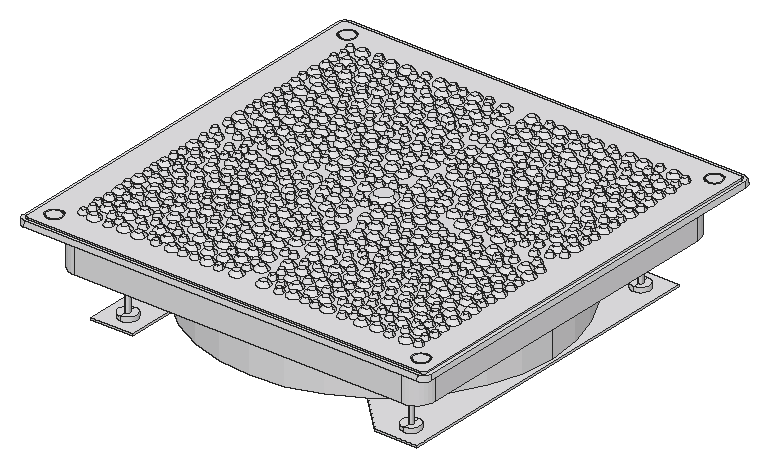
Revit family "Shower-Rainhead-KOHLER-REAL_RAIN-76728GL_1", category Plumbing Fixtures, host Face, Revit 2017
Family settings
  Host = Face
  Round Connector Dimension = Use Diameter
  Part Type = Normal
  OmniClass Number = 23.31.17.00
  OmniClass Title = Showers
  Cut with Voids When Loaded = No
  Shared = No
  Room Calculation Point = No
Parameters (values of type "0-White")
  Width = 19 23/128"  # constant formula
  WaterSense Certified = 1 = 0  # no
  Waste Water Outlet = "Waste Water Outlet"  # constant formula
  Waste Connection = 1 = 0  # no
  Vent Connection = 1 = 0  # no
  URL = "https://www.kohler.co.uk/"
  Type = 1
  Tempered Water Inlet = "Tempered Water Inlet"  # constant formula
  Product Page URL = ""
  Product Name = "REAL RAIN \r\n"  # constant formula
  Product Documentation Link = ""
  Pressure = 80.00 psi  # constant formula
  Panel Thickness = 0"
  Model = "76728GL-0"  # constant formula
  Material = "Plastic"  # constant formula
  Master Format 2014 Name = "Residential Showers"  # constant formula
  Master Format 2014 = "22 42 23"  # constant formula
  Manufacturer Address = "Cromwell Road, Cheltenham, Gloucestershire. GL52 5EP Registered in England No. 252115\r\n"  # constant formula
  Manufacturer = "KOHLER Co."  # constant formula
  Length = 19 23/128"  # constant formula
  Hot Water Inlet = "Hot Water Inlet"  # constant formula
  Height = 4 83/128"  # constant formula
  HW Connection = 1 = 1  # yes
  Flow Rate = 2.5 GPM  # constant formula
  Finish = Kohler-Plastic-0-White
  Environmental Product Declaration = ""
  Drain Included = 1 = 0  # no
  Description = "Overhead Panel"  # constant formula
  Default Elevation = 0"
  Declare Label = ""
  Date Modified = "07/19/2021"  # constant formula
  Date Created = "07/19/2021"  # constant formula
  Copyright = "Copyright KOHLER Co."  # constant formula
  Contact Us = "https://www.kohler.co.uk/support/contact/"
  Cold Water Inlet = "Cold Water Inlet"  # constant formula
  CW Connection = 1 = 0  # no
  Assembly Code = "D2010700"
  ADA Compliant = 1 = 0  # no
Reference planes (in)
  plane 1 "Center (Front/Back)": y = 0
  plane 2: z = 0
  plane 3 "Center (Left/Right)": x = 0
  plane 4: y = 9.59055
  plane 5: x = -9.59055
  plane 6: x = 9.58914
  plane 7: y = -9.58914
  plane 8: z = 4.64844
  plane 9: z = 0.46
  plane 10: z = 4.195
  plane 11: y = 5
  plane 12: x = -6.51833
Dimensions and locks (in)
  "Length": plane 4 to plane 7
  "Width": plane 5 to plane 6
  "Height": plane 8 to level
  plane 10 to level = 4.195"
  aligned and locked: plane 2 to host face
  aligned and locked: level to host face
Automatic sketch dimensions
  host sketch curve to host sketch curve = 96"  (x2)
Nested families (in)
  nested 1: "76728GL" at (0, 0, 0), type "76728GL"
Connectors (in)
  piping at (-6.51833, 5, 0), diameter 0.5, driven by "Flow Rate", driven by "Pressure", driven by "HW Connection", driven by "Tempered Water Inlet"
    settings: on nested 1, index 1, connector inside diameter 24", connector length 0", flow factor 0, pipe flow 2.5 GPM, pressure drop 80.00 psi, fitting loss kfactor 0, connector angle 0.00°, fixture units 0, engagement length 0", angle of deflection 0.00°, flow configuration 1, flow direction 1, fitting loss method 4, system type 19, joint type 0, gender type 0, connector reference index -1, connector utility 1, adjustable connector no, is connector primary yes, connector description "Tempered Water Inlet"
Definition of nested family "76728GL"
  Parameters (values of type "76728GL")
    Material = none
  Reference planes (in)
    plane 1 "Center (Front/Back)": y = 0
    plane 2: z = 0
    plane 3 "Center (Left/Right)": x = 0
    plane 4: y = 9.59055
    plane 5: y = -9.59055
    plane 6: x = -9.59055
    plane 7: x = 9.59055
    plane 8: z = 4.65
    plane 9: z = 4.195
    plane 10: z = 0.46
    plane 11: y = 7.84791
    plane 12: x = -6.6378
    plane 13: y = 5
    plane 14: x = -6.51833
  Forms (in)
    Sweep 1, solid, material <- "Material"
      path origin (0, 0, 0) x (1, 0, 0) y (0, 1, 0)
        loop
          arc (-9.19685, 9.59055) -> (-9.47524, 9.47524) -> (-9.59055, 9.19685) r 0.3937
          line (-9.59055, 9.19685) -> (-9.59055, -9.19685)
          arc (-9.59055, -9.19685) -> (-9.47524, -9.47524) -> (-9.19685, -9.59055) r 0.3937
          line (-9.19685, -9.59055) -> (9.19685, -9.59055)
          arc (9.19685, -9.59055) -> (9.47524, -9.47524) -> (9.59055, -9.19685) r 0.3937
          line (9.59055, -9.19685) -> (9.59055, 9.19685)
          arc (9.59055, 9.19685) -> (9.47524, 9.47524) -> (9.19685, 9.59055) r 0.3937
          line (9.19685, 9.59055) -> (-9.19685, 9.59055)
      profile origin (0, 9.59055, 0) x (0, 1, 0) y (0, 0, 1)
        loop
          line (0, 4.195) -> (-0.03303, 4.43) -> (-0.21956, 4.43) -> (-0.21956, 4.195) -> (0, 4.195)
    Extrusion 2, solid, material <- "Material"
      sketch origin (0, 0, 0) x (1, 0, 0) y (0, 1, 0)
        loop
          arc (-9.19685, 9.37099) -> (-9.31998, 9.31998) -> (-9.37099, 9.19685) r 0.17414
          line (-9.37099, 9.19685) -> (-9.37099, -9.19685)
          arc (-9.37099, -9.19685) -> (-9.31998, -9.31998) -> (-9.19685, -9.37099) r 0.17414
          line (-9.19685, -9.37099) -> (9.19685, -9.37099)
          arc (9.19685, -9.37099) -> (9.31998, -9.31998) -> (9.37099, -9.19685) r 0.17414
          line (9.37099, -9.19685) -> (9.37099, 9.19685)
          arc (9.37099, 9.19685) -> (9.31998, 9.31998) -> (9.19685, 9.37099) r 0.17414
          line (9.19685, 9.37099) -> (-9.19685, 9.37099)
      from 4.40945 to 4.48819
    Blend 3, solid, detail levels medium+fine
      base sketch origin (0, 0, 0) x (1, 0, 0) y (0, 1, 0)
        loop
          circle (-7.30834, 7.84791) r 0.29156
      top sketch origin (0, 0, 0) x (1, 0, 0) y (0, 1, 0)
        loop
          circle (-7.30834, 7.84791) r 0.15606
      from 4.48819 to 4.65
    Blend 4, solid, detail levels medium+fine
      base sketch origin (2.0876, 0, 0) x (1, 0, 0) y (0, 1, 0)
        loop
          circle (-7.30834, 7.84791) r 0.29156
      top sketch origin (2.0876, 0, 0) x (1, 0, 0) y (0, 1, 0)
        loop
          circle (-7.30834, 7.84791) r 0.15606
      from 4.48819 to 4.65
    Blend 5, solid, detail levels medium+fine
      base sketch origin (3.6624, 0, 0) x (1, 0, 0) y (0, 1, 0)
        loop
          circle (-7.30834, 7.84791) r 0.29156
      top sketch origin (3.6624, 0, 0) x (1, 0, 0) y (0, 1, 0)
        loop
          circle (-7.30834, 7.84791) r 0.15606
      from 4.48819 to 4.65
    Blend 6, solid, detail levels medium+fine
      base sketch origin (5.30487, -0.02461, 0) x (1, 0, 0) y (0, 1, 0)
        loop
          circle (-7.30834, 7.84791) r 0.29156
      top sketch origin (5.30487, -0.02461, 0) x (1, 0, 0) y (0, 1, 0)
        loop
          circle (-7.30834, 7.84791) r 0.15606
      from 4.48819 to 4.65
    Blend 7, solid, detail levels medium+fine
      base sketch origin (6.68282, 0, 0) x (1, 0, 0) y (0, 1, 0)
        loop
          circle (-7.30834, 7.84791) r 0.29156
      top sketch origin (6.68282, 0, 0) x (1, 0, 0) y (0, 1, 0)
        loop
          circle (-7.30834, 7.84791) r 0.15606
      from 4.48819 to 4.65
    Blend 8, solid, detail levels medium+fine
      base sketch origin (-0.0289, -0.83652, 0) x (1, 0, 0) y (0, 1, 0)
        loop
          circle (-7.30834, 7.84791) r 0.29156
      top sketch origin (-0.0289, -0.83652, 0) x (1, 0, 0) y (0, 1, 0)
        loop
          circle (-7.30834, 7.84791) r 0.15606
      from 4.48819 to 4.65
    Blend 9, solid, detail levels medium+fine
      base sketch origin (0.9243, -0.90317, 0) x (1, 0, 0) y (0, 1, 0)
        loop
          circle (-7.30834, 7.84791) r 0.29156
      top sketch origin (0.9243, -0.90317, 0) x (1, 0, 0) y (0, 1, 0)
        loop
          circle (-7.30834, 7.84791) r 0.15606
      from 4.48819 to 4.65
    Blend 10, solid, detail levels medium+fine
      base sketch origin (2.48199, -0.76689, 0) x (1, 0, 0) y (0, 1, 0)
        loop
          circle (-7.30834, 7.84791) r 0.29156
      top sketch origin (2.48199, -0.76689, 0) x (1, 0, 0) y (0, 1, 0)
        loop
          circle (-7.30834, 7.84791) r 0.15606
      from 4.48819 to 4.65
    Blend 11, solid, detail levels medium+fine
      base sketch origin (3.09051, -0.45684, 0) x (1, 0, 0) y (0, 1, 0)
        loop
          circle (-7.30834, 7.84791) r 0.29156
      top sketch origin (3.09051, -0.45684, 0) x (1, 0, 0) y (0, 1, 0)
        loop
          circle (-7.30834, 7.84791) r 0.15606
      from 4.48819 to 4.65
    Blend 12, solid, detail levels medium+fine
      base sketch origin (4.16835, -0.50258, 0) x (1, 0, 0) y (0, 1, 0)
        loop
          circle (-7.30834, 7.84791) r 0.29156
      top sketch origin (4.16835, -0.50258, 0) x (1, 0, 0) y (0, 1, 0)
        loop
          circle (-7.30834, 7.84791) r 0.15606
      from 4.48819 to 4.65
    Blend 13, solid, detail levels medium+fine
      base sketch origin (4.89122, -0.60418, 0) x (1, 0, 0) y (0, 1, 0)
        loop
          circle (-7.30834, 7.84791) r 0.29156
      top sketch origin (4.89122, -0.60418, 0) x (1, 0, 0) y (0, 1, 0)
        loop
          circle (-7.30834, 7.84791) r 0.15606
      from 4.48819 to 4.65
    Blend 14, solid, detail levels medium+fine
      base sketch origin (5.61857, -0.59148, 0) x (1, 0, 0) y (0, 1, 0)
        loop
          circle (-7.30834, 7.84791) r 0.29156
      top sketch origin (5.61857, -0.59148, 0) x (1, 0, 0) y (0, 1, 0)
        loop
          circle (-7.30834, 7.84791) r 0.15606
      from 4.48819 to 4.65
    Blend 15, solid, detail levels medium+fine
      base sketch origin (6.14053, -0.9848, 0) x (1, 0, 0) y (0, 1, 0)
        loop
          circle (-7.30834, 7.84791) r 0.29156
      top sketch origin (6.14053, -0.9848, 0) x (1, 0, 0) y (0, 1, 0)
        loop
          circle (-7.30834, 7.84791) r 0.15606
      from 4.48819 to 4.65
    Blend 16, solid, detail levels medium+fine
      base sketch origin (7.16907, -0.8508, 0) x (1, 0, 0) y (0, 1, 0)
        loop
          circle (-7.30834, 7.84791) r 0.29156
      top sketch origin (7.16907, -0.8508, 0) x (1, 0, 0) y (0, 1, 0)
        loop
          circle (-7.30834, 7.84791) r 0.15606
      from 4.48819 to 4.65
    Blend 17, solid, detail levels medium+fine
      base sketch origin (6.85018, -1.66347, 0) x (1, 0, 0) y (0, 1, 0)
        loop
          circle (-7.30834, 7.84791) r 0.29156
      top sketch origin (6.85018, -1.66347, 0) x (1, 0, 0) y (0, 1, 0)
        loop
          circle (-7.30834, 7.84791) r 0.15606
      from 4.48819 to 4.65
    Blend 18, solid, detail levels medium+fine
      base sketch origin (6.157, -1.60283, 0) x (1, 0, 0) y (0, 1, 0)
        loop
          circle (-7.30834, 7.84791) r 0.29156
      top sketch origin (6.157, -1.60283, 0) x (1, 0, 0) y (0, 1, 0)
        loop
          circle (-7.30834, 7.84791) r 0.15606
      from 4.48819 to 4.65
    Blend 19, solid, detail levels medium+fine
      base sketch origin (5.55442, -1.83414, 0) x (1, 0, 0) y (0, 1, 0)
        loop
          circle (-7.30834, 7.84791) r 0.29156
      top sketch origin (5.55442, -1.83414, 0) x (1, 0, 0) y (0, 1, 0)
        loop
          circle (-7.30834, 7.84791) r 0.15606
      from 4.48819 to 4.65
    Blend 20, solid, detail levels medium+fine
      base sketch origin (5.00582, -1.40553, 0) x (1, 0, 0) y (0, 1, 0)
        loop
          circle (-7.30834, 7.84791) r 0.29156
      top sketch origin (5.00582, -1.40553, 0) x (1, 0, 0) y (0, 1, 0)
        loop
          circle (-7.30834, 7.84791) r 0.15606
      from 4.48819 to 4.65
    Blend 21, solid, detail levels medium+fine
      base sketch origin (4.00507, -1.211, 0) x (1, 0, 0) y (0, 1, 0)
        loop
          circle (-7.30834, 7.84791) r 0.29156
      top sketch origin (4.00507, -1.211, 0) x (1, 0, 0) y (0, 1, 0)
        loop
          circle (-7.30834, 7.84791) r 0.15606
      from 4.48819 to 4.65
    Blend 22, solid, detail levels medium+fine
      base sketch origin (3.45712, -1.6091, 0) x (1, 0, 0) y (0, 1, 0)
        loop
          circle (-7.30834, 7.84791) r 0.29156
      top sketch origin (3.45712, -1.6091, 0) x (1, 0, 0) y (0, 1, 0)
        loop
          circle (-7.30834, 7.84791) r 0.15606
      from 4.48819 to 4.65
    Blend 23, solid, detail levels medium+fine
      base sketch origin (2.30183, -1.85467, 0) x (1, 0, 0) y (0, 1, 0)
        loop
          circle (-7.30834, 7.84791) r 0.29156
      top sketch origin (2.30183, -1.85467, 0) x (1, 0, 0) y (0, 1, 0)
        loop
          circle (-7.30834, 7.84791) r 0.15606
      from 4.48819 to 4.65
    Blend 24, solid, detail levels medium+fine
      base sketch origin (1.18508, -1.47014, 0) x (1, 0, 0) y (0, 1, 0)
        loop
          circle (-7.30834, 7.84791) r 0.29156
      top sketch origin (1.18508, -1.47014, 0) x (1, 0, 0) y (0, 1, 0)
        loop
          circle (-7.30834, 7.84791) r 0.15606
      from 4.48819 to 4.65
    Blend 25, solid, detail levels medium+fine
      base sketch origin (1.03024, -2.19859, 0) x (1, 0, 0) y (0, 1, 0)
        loop
          circle (-7.30834, 7.84791) r 0.29156
      top sketch origin (1.03024, -2.19859, 0) x (1, 0, 0) y (0, 1, 0)
        loop
          circle (-7.30834, 7.84791) r 0.15606
      from 4.48819 to 4.65
    Blend 26, solid, detail levels medium+fine
      base sketch origin (-0.0373, -2.58312, 0) x (1, 0, 0) y (0, 1, 0)
        loop
          circle (-7.30834, 7.84791) r 0.29156
      top sketch origin (-0.0373, -2.58312, 0) x (1, 0, 0) y (0, 1, 0)
        loop
          circle (-7.30834, 7.84791) r 0.15606
      from 4.48819 to 4.65
    Blend 27, solid, detail levels medium+fine
      base sketch origin (-0.5041, -2.14094, 0) x (1, 0, 0) y (0, 1, 0)
        loop
          circle (-7.30834, 7.84791) r 0.29156
      top sketch origin (-0.5041, -2.14094, 0) x (1, 0, 0) y (0, 1, 0)
        loop
          circle (-7.30834, 7.84791) r 0.15606
      from 4.48819 to 4.65
    Blend 28, solid, detail levels medium+fine
      base sketch origin (0.55747, -1.64778, 0) x (1, 0, 0) y (0, 1, 0)
        loop
          circle (-7.30834, 7.84791) r 0.29156
      top sketch origin (0.55747, -1.64778, 0) x (1, 0, 0) y (0, 1, 0)
        loop
          circle (-7.30834, 7.84791) r 0.15606
      from 4.48819 to 4.65
    Blend 29, solid, detail levels medium+fine
      base sketch origin (-0.48833, -1.51937, 0) x (1, 0, 0) y (0, 1, 0)
        loop
          circle (-7.30834, 7.84791) r 0.23622
      top sketch origin (-0.48833, -1.51937, 0) x (1, 0, 0) y (0, 1, 0)
        loop
          circle (-7.30834, 7.84791) r 0.11811
      from 4.48819 to 4.65
    Blend 30, solid, detail levels medium+fine
      base sketch origin (-0.51294, -3.26642, 0) x (1, 0, 0) y (0, 1, 0)
        loop
          circle (-7.30834, 7.84791) r 0.29156
      top sketch origin (-0.51294, -3.26642, 0) x (1, 0, 0) y (0, 1, 0)
        loop
          circle (-7.30834, 7.84791) r 0.15606
      from 4.48819 to 4.65
    Blend 31, solid, detail levels medium+fine
      base sketch origin (0.38399, -3.04893, 0) x (1, 0, 0) y (0, 1, 0)
        loop
          circle (-7.30834, 7.84791) r 0.29156
      top sketch origin (0.38399, -3.04893, 0) x (1, 0, 0) y (0, 1, 0)
        loop
          circle (-7.30834, 7.84791) r 0.15606
      from 4.48819 to 4.65
    Blend 32, solid, detail levels medium+fine
      base sketch origin (0.015, -3.60051, 0) x (1, 0, 0) y (0, 1, 0)
        loop
          circle (-7.30834, 7.84791) r 0.29156
      top sketch origin (0.015, -3.60051, 0) x (1, 0, 0) y (0, 1, 0)
        loop
          circle (-7.30834, 7.84791) r 0.15606
      from 4.48819 to 4.65
    Blend 33, solid, detail levels medium+fine
      base sketch origin (1.03016, -2.98184, 0) x (1, 0, 0) y (0, 1, 0)
        loop
          circle (-7.30834, 7.84791) r 0.29156
      top sketch origin (1.03016, -2.98184, 0) x (1, 0, 0) y (0, 1, 0)
        loop
          circle (-7.30834, 7.84791) r 0.15606
      from 4.48819 to 4.65
    Blend 34, solid, detail levels medium+fine
      base sketch origin (1.12122, -3.6132, 0) x (1, 0, 0) y (0, 1, 0)
        loop
          circle (-7.30834, 7.84791) r 0.29156
      top sketch origin (1.12122, -3.6132, 0) x (1, 0, 0) y (0, 1, 0)
        loop
          circle (-7.30834, 7.84791) r 0.15606
      from 4.48819 to 4.65
    Blend 35, solid, detail levels medium+fine
      base sketch origin (2.28909, -3.01814, 0) x (1, 0, 0) y (0, 1, 0)
        loop
          circle (-7.30834, 7.84791) r 0.29156
      top sketch origin (2.28909, -3.01814, 0) x (1, 0, 0) y (0, 1, 0)
        loop
          circle (-7.30834, 7.84791) r 0.15606
      from 4.48819 to 4.65
    Blend 36, solid, detail levels medium+fine
      base sketch origin (1.68078, -4.04284, 0) x (1, 0, 0) y (0, 1, 0)
        loop
          circle (-7.30834, 7.84791) r 0.29156
      top sketch origin (1.68078, -4.04284, 0) x (1, 0, 0) y (0, 1, 0)
        loop
          circle (-7.30834, 7.84791) r 0.15606
      from 4.48819 to 4.65
    Blend 37, solid, detail levels medium+fine
      base sketch origin (2.96463, -2.95326, 0) x (1, 0, 0) y (0, 1, 0)
        loop
          circle (-7.30834, 7.84791) r 0.29156
      top sketch origin (2.96463, -2.95326, 0) x (1, 0, 0) y (0, 1, 0)
        loop
          circle (-7.30834, 7.84791) r 0.15606
      from 4.48819 to 4.65
    Blend 38, solid, detail levels medium+fine
      base sketch origin (2.84468, -3.93018, 0) x (1, 0, 0) y (0, 1, 0)
        loop
          circle (-7.30834, 7.84791) r 0.29156
      top sketch origin (2.84468, -3.93018, 0) x (1, 0, 0) y (0, 1, 0)
        loop
          circle (-7.30834, 7.84791) r 0.15606
      from 4.48819 to 4.65
    Blend 39, solid, detail levels medium+fine
      base sketch origin (4.4836, -2.40185, 0) x (1, 0, 0) y (0, 1, 0)
        loop
          circle (-7.30834, 7.84791) r 0.29156
      top sketch origin (4.4836, -2.40185, 0) x (1, 0, 0) y (0, 1, 0)
        loop
          circle (-7.30834, 7.84791) r 0.15606
      from 4.48819 to 4.65
    Blend 40, solid, detail levels medium+fine
      base sketch origin (3.79212, -2.30467, 0) x (1, 0, 0) y (0, 1, 0)
        loop
          circle (-7.30834, 7.84791) r 0.29156
      top sketch origin (3.79212, -2.30467, 0) x (1, 0, 0) y (0, 1, 0)
        loop
          circle (-7.30834, 7.84791) r 0.15606
      from 4.48819 to 4.65
    Blend 41, solid, detail levels medium+fine
      base sketch origin (1.96709, -2.46434, 0) x (1, 0, 0) y (0, 1, 0)
        loop
          circle (-7.30834, 7.84791) r 0.29156
      top sketch origin (1.96709, -2.46434, 0) x (1, 0, 0) y (0, 1, 0)
        loop
          circle (-7.30834, 7.84791) r 0.15606
      from 4.48819 to 4.65
    Blend 42, solid, detail levels medium+fine
      base sketch origin (4.20639, -2.98132, 0) x (1, 0, 0) y (0, 1, 0)
        loop
          circle (-7.30834, 7.84791) r 0.29156
      top sketch origin (4.20639, -2.98132, 0) x (1, 0, 0) y (0, 1, 0)
        loop
          circle (-7.30834, 7.84791) r 0.15606
      from 4.48819 to 4.65
    Blend 43, solid, detail levels medium+fine
      base sketch origin (3.98458, -3.87093, 0) x (1, 0, 0) y (0, 1, 0)
        loop
          circle (-7.30834, 7.84791) r 0.29156
      top sketch origin (3.98458, -3.87093, 0) x (1, 0, 0) y (0, 1, 0)
        loop
          circle (-7.30834, 7.84791) r 0.15606
      from 4.48819 to 4.65
    Blend 44, solid, detail levels medium+fine
      base sketch origin (5.24621, -2.46976, 0) x (1, 0, 0) y (0, 1, 0)
        loop
          circle (-7.30834, 7.84791) r 0.29156
      top sketch origin (5.24621, -2.46976, 0) x (1, 0, 0) y (0, 1, 0)
        loop
          circle (-7.30834, 7.84791) r 0.15606
      from 4.48819 to 4.65
    Blend 45, solid, detail levels medium+fine
      base sketch origin (5.24621, -3.15169, 0) x (1, 0, 0) y (0, 1, 0)
        loop
          circle (-7.30834, 7.84791) r 0.29156
      top sketch origin (5.24621, -3.15169, 0) x (1, 0, 0) y (0, 1, 0)
        loop
          circle (-7.30834, 7.84791) r 0.15606
      from 4.48819 to 4.65
    Blend 46, solid, detail levels medium+fine
      base sketch origin (5.86408, -2.80919, 0) x (1, 0, 0) y (0, 1, 0)
        loop
          circle (-7.30834, 7.84791) r 0.29156
      top sketch origin (5.86408, -2.80919, 0) x (1, 0, 0) y (0, 1, 0)
        loop
          circle (-7.30834, 7.84791) r 0.15606
      from 4.48819 to 4.65
    Blend 47, solid, detail levels medium+fine
      base sketch origin (6.1771, -3.39791, 0) x (1, 0, 0) y (0, 1, 0)
        loop
          circle (-7.30834, 7.84791) r 0.29156
      top sketch origin (6.1771, -3.39791, 0) x (1, 0, 0) y (0, 1, 0)
        loop
          circle (-7.30834, 7.84791) r 0.15606
      from 4.48819 to 4.65
    Blend 48, solid, detail levels medium+fine
      base sketch origin (6.48588, -2.70438, 0) x (1, 0, 0) y (0, 1, 0)
        loop
          circle (-7.30834, 7.84791) r 0.29156
      top sketch origin (6.48588, -2.70438, 0) x (1, 0, 0) y (0, 1, 0)
        loop
          circle (-7.30834, 7.84791) r 0.15606
      from 4.48819 to 4.65
    Blend 49, solid, detail levels medium+fine
      base sketch origin (6.92778, -3.19517, 0) x (1, 0, 0) y (0, 1, 0)
        loop
          circle (-7.30834, 7.84791) r 0.29156
      top sketch origin (6.92778, -3.19517, 0) x (1, 0, 0) y (0, 1, 0)
        loop
          circle (-7.30834, 7.84791) r 0.15606
      from 4.48819 to 4.65
    Blend 50, solid, detail levels medium+fine
      base sketch origin (7.03734, -4.23753, 0) x (1, 0, 0) y (0, 1, 0)
        loop
          circle (-7.30834, 7.84791) r 0.29156
      top sketch origin (7.03734, -4.23753, 0) x (1, 0, 0) y (0, 1, 0)
        loop
          circle (-7.30834, 7.84791) r 0.15606
      from 4.48819 to 4.65
    Blend 51, solid, detail levels medium+fine
      base sketch origin (5.91512, -4.17871, 0) x (1, 0, 0) y (0, 1, 0)
        loop
          circle (-7.30834, 7.84791) r 0.29156
      top sketch origin (5.91512, -4.17871, 0) x (1, 0, 0) y (0, 1, 0)
        loop
          circle (-7.30834, 7.84791) r 0.15606
      from 4.48819 to 4.65
    Blend 52, solid, detail levels medium+fine
      base sketch origin (5.24018, -4.58426, 0) x (1, 0, 0) y (0, 1, 0)
        loop
          circle (-7.30834, 7.84791) r 0.29156
      top sketch origin (5.24018, -4.58426, 0) x (1, 0, 0) y (0, 1, 0)
        loop
          circle (-7.30834, 7.84791) r 0.15606
      from 4.48819 to 4.65
    Blend 53, solid, detail levels medium+fine
      base sketch origin (4.12564, -4.58426, 0) x (1, 0, 0) y (0, 1, 0)
        loop
          circle (-7.30834, 7.84791) r 0.29156
      top sketch origin (4.12564, -4.58426, 0) x (1, 0, 0) y (0, 1, 0)
        loop
          circle (-7.30834, 7.84791) r 0.15606
      from 4.48819 to 4.65
    Blend 54, solid, detail levels medium+fine
      base sketch origin (4.53288, -5.08716, 0) x (1, 0, 0) y (0, 1, 0)
        loop
          circle (-7.30834, 7.84791) r 0.29156
      top sketch origin (4.53288, -5.08716, 0) x (1, 0, 0) y (0, 1, 0)
        loop
          circle (-7.30834, 7.84791) r 0.15606
      from 4.48819 to 4.65
    Blend 55, solid, detail levels medium+fine
      base sketch origin (3.15493, -5.08716, 0) x (1, 0, 0) y (0, 1, 0)
        loop
          circle (-7.30834, 7.84791) r 0.29156
      top sketch origin (3.15493, -5.08716, 0) x (1, 0, 0) y (0, 1, 0)
        loop
          circle (-7.30834, 7.84791) r 0.15606
      from 4.48819 to 4.65
    Blend 56, solid, detail levels medium+fine
      base sketch origin (3.63117, -5.75677, 0) x (1, 0, 0) y (0, 1, 0)
        loop
          circle (-7.30834, 7.84791) r 0.29156
      top sketch origin (3.63117, -5.75677, 0) x (1, 0, 0) y (0, 1, 0)
        loop
          circle (-7.30834, 7.84791) r 0.15606
      from 4.48819 to 4.65
    Blend 57, solid, detail levels medium+fine
      base sketch origin (4.28847, -6.07665, 0) x (1, 0, 0) y (0, 1, 0)
        loop
          circle (-7.30834, 7.84791) r 0.29156
      top sketch origin (4.28847, -6.07665, 0) x (1, 0, 0) y (0, 1, 0)
        loop
          circle (-7.30834, 7.84791) r 0.15606
      from 4.48819 to 4.65
    Blend 58, solid, detail levels medium+fine
      base sketch origin (3.83609, -6.50546, 0) x (1, 0, 0) y (0, 1, 0)
        loop
          circle (-7.30834, 7.84791) r 0.29156
      top sketch origin (3.83609, -6.50546, 0) x (1, 0, 0) y (0, 1, 0)
        loop
          circle (-7.30834, 7.84791) r 0.15606
      from 4.48819 to 4.65
    Blend 59, solid, detail levels medium+fine
      base sketch origin (2.78809, -6.07292, 0) x (1, 0, 0) y (0, 1, 0)
        loop
          circle (-7.30834, 7.84791) r 0.29156
      top sketch origin (2.78809, -6.07292, 0) x (1, 0, 0) y (0, 1, 0)
        loop
          circle (-7.30834, 7.84791) r 0.15606
      from 4.48819 to 4.65
    Blend 60, solid, detail levels medium+fine
      base sketch origin (2.85791, -6.72494, 0) x (1, 0, 0) y (0, 1, 0)
        loop
          circle (-7.30834, 7.84791) r 0.29156
      top sketch origin (2.85791, -6.72494, 0) x (1, 0, 0) y (0, 1, 0)
        loop
          circle (-7.30834, 7.84791) r 0.15606
      from 4.48819 to 4.65
    Blend 61, solid, detail levels medium+fine
      base sketch origin (3.12722, -7.46485, 0) x (1, 0, 0) y (0, 1, 0)
        loop
          circle (-7.30834, 7.84791) r 0.29156
      top sketch origin (3.12722, -7.46485, 0) x (1, 0, 0) y (0, 1, 0)
        loop
          circle (-7.30834, 7.84791) r 0.15606
      from 4.48819 to 4.65
    Blend 62, solid, detail levels medium+fine
      base sketch origin (3.78378, -7.70382, 0) x (1, 0, 0) y (0, 1, 0)
        loop
          circle (-7.30834, 7.84791) r 0.29156
      top sketch origin (3.78378, -7.70382, 0) x (1, 0, 0) y (0, 1, 0)
        loop
          circle (-7.30834, 7.84791) r 0.15606
      from 4.48819 to 4.65
    Blend 63, solid, detail levels medium+fine
      base sketch origin (2.24064, -6.93948, 0) x (1, 0, 0) y (0, 1, 0)
        loop
          circle (-7.30834, 7.84791) r 0.29156
      top sketch origin (2.24064, -6.93948, 0) x (1, 0, 0) y (0, 1, 0)
        loop
          circle (-7.30834, 7.84791) r 0.15606
      from 4.48819 to 4.65
    Blend 64, solid, detail levels medium+fine
      base sketch origin (2.0547, -7.70262, 0) x (1, 0, 0) y (0, 1, 0)
        loop
          circle (-7.30834, 7.84791) r 0.29156
      top sketch origin (2.0547, -7.70262, 0) x (1, 0, 0) y (0, 1, 0)
        loop
          circle (-7.30834, 7.84791) r 0.15606
      from 4.48819 to 4.65
    Blend 65, solid, detail levels medium+fine
      base sketch origin (1.65786, -7.19469, 0) x (1, 0, 0) y (0, 1, 0)
        loop
          circle (-7.30834, 7.84791) r 0.29156
      top sketch origin (1.65786, -7.19469, 0) x (1, 0, 0) y (0, 1, 0)
        loop
          circle (-7.30834, 7.84791) r 0.15606
      from 4.48819 to 4.65
    Blend 66, solid, detail levels medium+fine
      base sketch origin (1.40876, -6.326, 0) x (1, 0, 0) y (0, 1, 0)
        loop
          circle (-7.30834, 7.84791) r 0.29156
      top sketch origin (1.40876, -6.326, 0) x (1, 0, 0) y (0, 1, 0)
        loop
          circle (-7.30834, 7.84791) r 0.15606
      from 4.48819 to 4.65
    Blend 67, solid, detail levels medium+fine
      base sketch origin (1.70755, -5.76617, 0) x (1, 0, 0) y (0, 1, 0)
        loop
          circle (-7.30834, 7.84791) r 0.29156
      top sketch origin (1.70755, -5.76617, 0) x (1, 0, 0) y (0, 1, 0)
        loop
          circle (-7.30834, 7.84791) r 0.15606
      from 4.48819 to 4.65
    Blend 68, solid, detail levels medium+fine
      base sketch origin (1.04625, -5.54143, 0) x (1, 0, 0) y (0, 1, 0)
        loop
          circle (-7.30834, 7.84791) r 0.29156
      top sketch origin (1.04625, -5.54143, 0) x (1, 0, 0) y (0, 1, 0)
        loop
          circle (-7.30834, 7.84791) r 0.15606
      from 4.48819 to 4.65
    Blend 69, solid, detail levels medium+fine
      base sketch origin (0.21678, -5.66742, 0) x (1, 0, 0) y (0, 1, 0)
        loop
          circle (-7.30834, 7.84791) r 0.29156
      top sketch origin (0.21678, -5.66742, 0) x (1, 0, 0) y (0, 1, 0)
        loop
          circle (-7.30834, 7.84791) r 0.15606
      from 4.48819 to 4.65
    Blend 70, solid, detail levels medium+fine
      base sketch origin (0.36352, -6.36008, 0) x (1, 0, 0) y (0, 1, 0)
        loop
          circle (-7.30834, 7.84791) r 0.29156
      top sketch origin (0.36352, -6.36008, 0) x (1, 0, 0) y (0, 1, 0)
        loop
          circle (-7.30834, 7.84791) r 0.15606
      from 4.48819 to 4.65
    Blend 71, solid, detail levels medium+fine
      base sketch origin (-0.0589, -6.92823, 0) x (1, 0, 0) y (0, 1, 0)
        loop
          circle (-7.30834, 7.84791) r 0.29156
      top sketch origin (-0.0589, -6.92823, 0) x (1, 0, 0) y (0, 1, 0)
        loop
          circle (-7.30834, 7.84791) r 0.15606
      from 4.48819 to 4.65
    Blend 72, solid, detail levels medium+fine
      base sketch origin (-0.5348, -6.49972, 0) x (1, 0, 0) y (0, 1, 0)
        loop
          circle (-7.30834, 7.84791) r 0.29156
      top sketch origin (-0.5348, -6.49972, 0) x (1, 0, 0) y (0, 1, 0)
        loop
          circle (-7.30834, 7.84791) r 0.15606
      from 4.48819 to 4.65
    Blend 73, solid, detail levels medium+fine
      base sketch origin (0.94197, -4.91608, 0) x (1, 0, 0) y (0, 1, 0)
        loop
          circle (-7.30834, 7.84791) r 0.29156
      top sketch origin (0.94197, -4.91608, 0) x (1, 0, 0) y (0, 1, 0)
        loop
          circle (-7.30834, 7.84791) r 0.15606
      from 4.48819 to 4.65
    Blend 74, solid, detail levels medium+fine
      base sketch origin (-0.52909, -4.78631, 0) x (1, 0, 0) y (0, 1, 0)
        loop
          circle (-7.30834, 7.84791) r 0.29156
      top sketch origin (-0.52909, -4.78631, 0) x (1, 0, 0) y (0, 1, 0)
        loop
          circle (-7.30834, 7.84791) r 0.15606
      from 4.48819 to 4.65
    Blend 75, solid, detail levels medium+fine
      base sketch origin (0.44981, -4.46424, 0) x (1, 0, 0) y (0, 1, 0)
        loop
          circle (-7.30834, 7.84791) r 0.29156
      top sketch origin (0.44981, -4.46424, 0) x (1, 0, 0) y (0, 1, 0)
        loop
          circle (-7.30834, 7.84791) r 0.15606
      from 4.48819 to 4.65
    Blend 76, solid, detail levels medium+fine
      base sketch origin (1.90111, -4.72015, 0) x (1, 0, 0) y (0, 1, 0)
        loop
          circle (-7.30834, 7.84791) r 0.29156
      top sketch origin (1.90111, -4.72015, 0) x (1, 0, 0) y (0, 1, 0)
        loop
          circle (-7.30834, 7.84791) r 0.15606
      from 4.48819 to 4.65
    Blend 77, solid, detail levels medium+fine
      base sketch origin (2.47324, -4.45827, 0) x (1, 0, 0) y (0, 1, 0)
        loop
          circle (-7.30834, 7.84791) r 0.29156
      top sketch origin (2.47324, -4.45827, 0) x (1, 0, 0) y (0, 1, 0)
        loop
          circle (-7.30834, 7.84791) r 0.15606
      from 4.48819 to 4.65
    Blend 78, solid, detail levels medium+fine
      base sketch origin (0, 0, 0) x (1, 0, 0) y (0, 1, 0)
        loop
          circle (-7.85379, 7.80181) r 0.19685
      top sketch origin (0, 0, 0) x (1, 0, 0) y (0, 1, 0)
        loop
          circle (-7.85379, 7.80181) r 0.11854
      from 4.48819 to 4.64961
    Blend 79, solid, detail levels medium+fine
      base sketch origin (0.08108, -0.45981, 0) x (1, 0, 0) y (0, 1, 0)
        loop
          circle (-7.85379, 7.80181) r 0.19685
      top sketch origin (0.08108, -0.45981, 0) x (1, 0, 0) y (0, 1, 0)
        loop
          circle (-7.85379, 7.80181) r 0.11854
      from 4.48819 to 4.64961
    Blend 80, solid, detail levels medium+fine
      base sketch origin (-0.03795, -0.90403, 0) x (1, 0, 0) y (0, 1, 0)
        loop
          circle (-7.85379, 7.80181) r 0.19685
      top sketch origin (-0.03795, -0.90403, 0) x (1, 0, 0) y (0, 1, 0)
        loop
          circle (-7.85379, 7.80181) r 0.11854
      from 4.48819 to 4.64961
    Blend 81, solid, detail levels medium+fine
      base sketch origin (1.27448, 0.12135, 0) x (1, 0, 0) y (0, 1, 0)
        loop
          circle (-7.85379, 7.80181) r 0.19685
      top sketch origin (1.27448, 0.12135, 0) x (1, 0, 0) y (0, 1, 0)
        loop
          circle (-7.85379, 7.80181) r 0.11854
      from 4.48819 to 4.64961
    Blend 82, solid, detail levels medium+fine
      base sketch origin (0.98535, -0.47144, 0) x (1, 0, 0) y (0, 1, 0)
        loop
          circle (-7.85379, 7.80181) r 0.19685
      top sketch origin (0.98535, -0.47144, 0) x (1, 0, 0) y (0, 1, 0)
        loop
          circle (-7.85379, 7.80181) r 0.11854
      from 4.48819 to 4.64961
    Blend 83, solid, detail levels medium+fine
      base sketch origin (1.47591, -0.30253, 0) x (1, 0, 0) y (0, 1, 0)
        loop
          circle (-7.85379, 7.80181) r 0.19685
      top sketch origin (1.47591, -0.30253, 0) x (1, 0, 0) y (0, 1, 0)
        loop
          circle (-7.85379, 7.80181) r 0.11854
      from 4.48819 to 4.64961
    Blend 84, solid, detail levels medium+fine
      base sketch origin (2.40031, -0.49902, 0) x (1, 0, 0) y (0, 1, 0)
        loop
          circle (-7.85379, 7.80181) r 0.19685
      top sketch origin (2.40031, -0.49902, 0) x (1, 0, 0) y (0, 1, 0)
        loop
          circle (-7.85379, 7.80181) r 0.11854
      from 4.48819 to 4.64961
    Blend 85, solid, detail levels medium+fine
      base sketch origin (2.01806, -0.8432, 0) x (1, 0, 0) y (0, 1, 0)
        loop
          circle (-7.85379, 7.80181) r 0.19685
      top sketch origin (2.01806, -0.8432, 0) x (1, 0, 0) y (0, 1, 0)
        loop
          circle (-7.85379, 7.80181) r 0.11854
      from 4.48819 to 4.64961
    Blend 86, solid, detail levels medium+fine
      base sketch origin (0.96488, -1.08634, 0) x (1, 0, 0) y (0, 1, 0)
        loop
          circle (-7.85379, 7.80181) r 0.19685
      top sketch origin (0.96488, -1.08634, 0) x (1, 0, 0) y (0, 1, 0)
        loop
          circle (-7.85379, 7.80181) r 0.11854
      from 4.48819 to 4.64961
    Blend 87, solid, detail levels medium+fine
      base sketch origin (0.60038, -1.37112, 0) x (1, 0, 0) y (0, 1, 0)
        loop
          circle (-7.85379, 7.80181) r 0.19685
      top sketch origin (0.60038, -1.37112, 0) x (1, 0, 0) y (0, 1, 0)
        loop
          circle (-7.85379, 7.80181) r 0.11854
      from 4.48819 to 4.64961
    Blend 88, solid, detail levels medium+fine
      base sketch origin (2.30835, -1.49055, 0) x (1, 0, 0) y (0, 1, 0)
        loop
          circle (-7.85379, 7.80181) r 0.19685
      top sketch origin (2.30835, -1.49055, 0) x (1, 0, 0) y (0, 1, 0)
        loop
          circle (-7.85379, 7.80181) r 0.11854
      from 4.48819 to 4.64961
    Blend 89, solid, detail levels medium+fine
      base sketch origin (2.55808, -1.058, 0) x (1, 0, 0) y (0, 1, 0)
        loop
          circle (-7.85379, 7.80181) r 0.19685
      top sketch origin (2.55808, -1.058, 0) x (1, 0, 0) y (0, 1, 0)
        loop
          circle (-7.85379, 7.80181) r 0.11854
      from 4.48819 to 4.64961
    Blend 90, solid, detail levels medium+fine
      base sketch origin (0.5504, -1.86916, 0) x (1, 0, 0) y (0, 1, 0)
        loop
          circle (-7.85379, 7.80181) r 0.19685
      top sketch origin (0.5504, -1.86916, 0) x (1, 0, 0) y (0, 1, 0)
        loop
          circle (-7.85379, 7.80181) r 0.11854
      from 4.48819 to 4.64961
    Blend 91, solid, detail levels medium+fine
      base sketch origin (0.93013, -2.13504, 0) x (1, 0, 0) y (0, 1, 0)
        loop
          circle (-7.85379, 7.80181) r 0.19685
      top sketch origin (0.93013, -2.13504, 0) x (1, 0, 0) y (0, 1, 0)
        loop
          circle (-7.85379, 7.80181) r 0.11854
      from 4.48819 to 4.64961
    Blend 92, solid, detail levels medium+fine
      base sketch origin (-0.06351, -2.66493, 0) x (1, 0, 0) y (0, 1, 0)
        loop
          circle (-7.85379, 7.80181) r 0.19685
      top sketch origin (-0.06351, -2.66493, 0) x (1, 0, 0) y (0, 1, 0)
        loop
          circle (-7.85379, 7.80181) r 0.11854
      from 4.48819 to 4.64961
    Blend 93, solid, detail levels medium+fine
      base sketch origin (1.1982, -2.55175, 0) x (1, 0, 0) y (0, 1, 0)
        loop
          circle (-7.85379, 7.80181) r 0.19685
      top sketch origin (1.1982, -2.55175, 0) x (1, 0, 0) y (0, 1, 0)
        loop
          circle (-7.85379, 7.80181) r 0.11854
      from 4.48819 to 4.64961
    Blend 94, solid, detail levels medium+fine
      base sketch origin (1.9856, -2.55175, 0) x (1, 0, 0) y (0, 1, 0)
        loop
          circle (-7.85379, 7.80181) r 0.19685
      top sketch origin (1.9856, -2.55175, 0) x (1, 0, 0) y (0, 1, 0)
        loop
          circle (-7.85379, 7.80181) r 0.11854
      from 4.48819 to 4.64961
    Blend 95, solid, detail levels medium+fine
      base sketch origin (2.19453, -2.99979, 0) x (1, 0, 0) y (0, 1, 0)
        loop
          circle (-7.85379, 7.80181) r 0.19685
      top sketch origin (2.19453, -2.99979, 0) x (1, 0, 0) y (0, 1, 0)
        loop
          circle (-7.85379, 7.80181) r 0.11854
      from 4.48819 to 4.64961
    Blend 96, solid, detail levels medium+fine
      base sketch origin (2.19453, -2.01554, 0) x (1, 0, 0) y (0, 1, 0)
        loop
          circle (-7.85379, 7.80181) r 0.19685
      top sketch origin (2.19453, -2.01554, 0) x (1, 0, 0) y (0, 1, 0)
        loop
          circle (-7.85379, 7.80181) r 0.11854
      from 4.48819 to 4.64961
    Blend 97, solid, detail levels medium+fine
      base sketch origin (3.20348, -2.40284, 0) x (1, 0, 0) y (0, 1, 0)
        loop
          circle (-7.85379, 7.80181) r 0.19685
      top sketch origin (3.20348, -2.40284, 0) x (1, 0, 0) y (0, 1, 0)
        loop
          circle (-7.85379, 7.80181) r 0.11854
      from 4.48819 to 4.64961
    Blend 98, solid, detail levels medium+fine
      base sketch origin (0.02641, -3.75143, 0) x (1, 0, 0) y (0, 1, 0)
        loop
          circle (-7.85379, 7.80181) r 0.19685
      top sketch origin (0.02641, -3.75143, 0) x (1, 0, 0) y (0, 1, 0)
        loop
          circle (-7.85379, 7.80181) r 0.11854
      from 4.48819 to 4.64961
    Blend 99, solid, detail levels medium+fine
      base sketch origin (-0.03152, -4.19496, 0) x (1, 0, 0) y (0, 1, 0)
        loop
          circle (-7.85379, 7.80181) r 0.19685
      top sketch origin (-0.03152, -4.19496, 0) x (1, 0, 0) y (0, 1, 0)
        loop
          circle (-7.85379, 7.80181) r 0.11854
      from 4.48819 to 4.64961
    Blend 100, solid, detail levels medium+fine
      base sketch origin (1.1112, -3.59888, 0) x (1, 0, 0) y (0, 1, 0)
        loop
          circle (-7.85379, 7.80181) r 0.19685
      top sketch origin (1.1112, -3.59888, 0) x (1, 0, 0) y (0, 1, 0)
        loop
          circle (-7.85379, 7.80181) r 0.11854
      from 4.48819 to 4.64961
    Blend 101, solid, detail levels medium+fine
      base sketch origin (1.374, -4.05406, 0) x (1, 0, 0) y (0, 1, 0)
        loop
          circle (-7.85379, 7.80181) r 0.19685
      top sketch origin (1.374, -4.05406, 0) x (1, 0, 0) y (0, 1, 0)
        loop
          circle (-7.85379, 7.80181) r 0.11854
      from 4.48819 to 4.64961
    Blend 102, solid, detail levels medium+fine
      base sketch origin (0.4834, -4.14767, 0) x (1, 0, 0) y (0, 1, 0)
        loop
          circle (-7.85379, 7.80181) r 0.19685
      top sketch origin (0.4834, -4.14767, 0) x (1, 0, 0) y (0, 1, 0)
        loop
          circle (-7.85379, 7.80181) r 0.11854
      from 4.48819 to 4.64961
    Blend 103, solid, detail levels medium+fine
      base sketch origin (1.88767, -4.44616, 0) x (1, 0, 0) y (0, 1, 0)
        loop
          circle (-7.85379, 7.80181) r 0.19685
      top sketch origin (1.88767, -4.44616, 0) x (1, 0, 0) y (0, 1, 0)
        loop
          circle (-7.85379, 7.80181) r 0.11854
      from 4.48819 to 4.64961
    Blend 104, solid, detail levels medium+fine
      base sketch origin (2.41602, -3.45247, 0) x (1, 0, 0) y (0, 1, 0)
        loop
          circle (-7.85379, 7.80181) r 0.19685
      top sketch origin (2.41602, -3.45247, 0) x (1, 0, 0) y (0, 1, 0)
        loop
          circle (-7.85379, 7.80181) r 0.11854
      from 4.48819 to 4.64961
    Blend 105, solid, detail levels medium+fine
      base sketch origin (2.75148, -3.87182, 0) x (1, 0, 0) y (0, 1, 0)
        loop
          circle (-7.85379, 7.80181) r 0.19685
      top sketch origin (2.75148, -3.87182, 0) x (1, 0, 0) y (0, 1, 0)
        loop
          circle (-7.85379, 7.80181) r 0.11854
      from 4.48819 to 4.64961
    Blend 106, solid, detail levels medium+fine
      base sketch origin (3.00528, -3.49882, 0) x (1, 0, 0) y (0, 1, 0)
        loop
          circle (-7.85379, 7.80181) r 0.19685
      top sketch origin (3.00528, -3.49882, 0) x (1, 0, 0) y (0, 1, 0)
        loop
          circle (-7.85379, 7.80181) r 0.11854
      from 4.48819 to 4.64961
    Blend 107, solid, detail levels medium+fine
      base sketch origin (3.70678, -3.43744, 0) x (1, 0, 0) y (0, 1, 0)
        loop
          circle (-7.85379, 7.80181) r 0.19685
      top sketch origin (3.70678, -3.43744, 0) x (1, 0, 0) y (0, 1, 0)
        loop
          circle (-7.85379, 7.80181) r 0.11854
      from 4.48819 to 4.64961
    Blend 108, solid, detail levels medium+fine
      base sketch origin (3.60389, -4.4163, 0) x (1, 0, 0) y (0, 1, 0)
        loop
          circle (-7.85379, 7.80181) r 0.19685
      top sketch origin (3.60389, -4.4163, 0) x (1, 0, 0) y (0, 1, 0)
        loop
          circle (-7.85379, 7.80181) r 0.11854
      from 4.48819 to 4.64961
    Blend 109, solid, detail levels medium+fine
      base sketch origin (0.59627, -4.78559, 0) x (1, 0, 0) y (0, 1, 0)
        loop
          circle (-7.85379, 7.80181) r 0.19685
      top sketch origin (0.59627, -4.78559, 0) x (1, 0, 0) y (0, 1, 0)
        loop
          circle (-7.85379, 7.80181) r 0.11854
      from 4.48819 to 4.64961
    Blend 110, solid, detail levels medium+fine
      base sketch origin (0.99196, -5.13207, 0) x (1, 0, 0) y (0, 1, 0)
        loop
          circle (-7.85379, 7.80181) r 0.19685
      top sketch origin (0.99196, -5.13207, 0) x (1, 0, 0) y (0, 1, 0)
        loop
          circle (-7.85379, 7.80181) r 0.11854
      from 4.48819 to 4.64961
    Blend 111, solid, detail levels medium+fine
      base sketch origin (0.40281, -5.20607, 0) x (1, 0, 0) y (0, 1, 0)
        loop
          circle (-7.85379, 7.80181) r 0.19685
      top sketch origin (0.40281, -5.20607, 0) x (1, 0, 0) y (0, 1, 0)
        loop
          circle (-7.85379, 7.80181) r 0.11854
      from 4.48819 to 4.64961
    Blend 112, solid, detail levels medium+fine
      base sketch origin (-0.04951, -5.35304, 0) x (1, 0, 0) y (0, 1, 0)
        loop
          circle (-7.85379, 7.80181) r 0.19685
      top sketch origin (-0.04951, -5.35304, 0) x (1, 0, 0) y (0, 1, 0)
        loop
          circle (-7.85379, 7.80181) r 0.11854
      from 4.48819 to 4.64961
    Blend 113, solid, detail levels medium+fine
      base sketch origin (0.00028, -5.82677, 0) x (1, 0, 0) y (0, 1, 0)
        loop
          circle (-7.85379, 7.80181) r 0.19685
      top sketch origin (0.00028, -5.82677, 0) x (1, 0, 0) y (0, 1, 0)
        loop
          circle (-7.85379, 7.80181) r 0.11854
      from 4.48819 to 4.64961
    Blend 114, solid, detail levels medium+fine
      base sketch origin (2.05966, -5.15764, 0) x (1, 0, 0) y (0, 1, 0)
        loop
          circle (-7.85379, 7.80181) r 0.19685
      top sketch origin (2.05966, -5.15764, 0) x (1, 0, 0) y (0, 1, 0)
        loop
          circle (-7.85379, 7.80181) r 0.11854
      from 4.48819 to 4.64961
    Blend 115, solid, detail levels medium+fine
      base sketch origin (2.77067, -5.89326, 0) x (1, 0, 0) y (0, 1, 0)
        loop
          circle (-7.85379, 7.80181) r 0.19685
      top sketch origin (2.77067, -5.89326, 0) x (1, 0, 0) y (0, 1, 0)
        loop
          circle (-7.85379, 7.80181) r 0.11854
      from 4.48819 to 4.64961
    Blend 116, solid, detail levels medium+fine
      base sketch origin (1.32569, -5.98286, 0) x (1, 0, 0) y (0, 1, 0)
        loop
          circle (-7.85379, 7.80181) r 0.19685
      top sketch origin (1.32569, -5.98286, 0) x (1, 0, 0) y (0, 1, 0)
        loop
          circle (-7.85379, 7.80181) r 0.11854
      from 4.48819 to 4.64961
    Blend 117, solid, detail levels medium+fine
      base sketch origin (0.42388, -6.04678, 0) x (1, 0, 0) y (0, 1, 0)
        loop
          circle (-7.85379, 7.80181) r 0.19685
      top sketch origin (0.42388, -6.04678, 0) x (1, 0, 0) y (0, 1, 0)
        loop
          circle (-7.85379, 7.80181) r 0.11854
      from 4.48819 to 4.64961
    Blend 118, solid, detail levels medium+fine
      base sketch origin (1.43404, -6.50201, 0) x (1, 0, 0) y (0, 1, 0)
        loop
          circle (-7.85379, 7.80181) r 0.19685
      top sketch origin (1.43404, -6.50201, 0) x (1, 0, 0) y (0, 1, 0)
        loop
          circle (-7.85379, 7.80181) r 0.11854
      from 4.48819 to 4.64961
    Blend 119, solid, detail levels medium+fine
      base sketch origin (1.76504, -6.833, 0) x (1, 0, 0) y (0, 1, 0)
        loop
          circle (-7.85379, 7.80181) r 0.19685
      top sketch origin (1.76504, -6.833, 0) x (1, 0, 0) y (0, 1, 0)
        loop
          circle (-7.85379, 7.80181) r 0.11854
      from 4.48819 to 4.64961
    Blend 120, solid, detail levels medium+fine
      base sketch origin (2.44141, -6.47587, 0) x (1, 0, 0) y (0, 1, 0)
        loop
          circle (-7.85379, 7.80181) r 0.19685
      top sketch origin (2.44141, -6.47587, 0) x (1, 0, 0) y (0, 1, 0)
        loop
          circle (-7.85379, 7.80181) r 0.11854
      from 4.48819 to 4.64961
    Blend 121, solid, detail levels medium+fine
      base sketch origin (2.85861, -6.34937, 0) x (1, 0, 0) y (0, 1, 0)
        loop
          circle (-7.85379, 7.80181) r 0.19685
      top sketch origin (2.85861, -6.34937, 0) x (1, 0, 0) y (0, 1, 0)
        loop
          circle (-7.85379, 7.80181) r 0.11854
      from 4.48819 to 4.64961
    Blend 122, solid, detail levels medium+fine
      base sketch origin (-0.03972, -7.08804, 0) x (1, 0, 0) y (0, 1, 0)
        loop
          circle (-7.85379, 7.80181) r 0.19685
      top sketch origin (-0.03972, -7.08804, 0) x (1, 0, 0) y (0, 1, 0)
        loop
          circle (-7.85379, 7.80181) r 0.11854
      from 4.48819 to 4.64961
    Blend 123, solid, detail levels medium+fine
      base sketch origin (0.38075, -7.44085, 0) x (1, 0, 0) y (0, 1, 0)
        loop
          circle (-7.85379, 7.80181) r 0.19685
      top sketch origin (0.38075, -7.44085, 0) x (1, 0, 0) y (0, 1, 0)
        loop
          circle (-7.85379, 7.80181) r 0.11854
      from 4.48819 to 4.64961
    Blend 124, solid, detail levels medium+fine
      base sketch origin (1.6519, -7.32964, 0) x (1, 0, 0) y (0, 1, 0)
        loop
          circle (-7.85379, 7.80181) r 0.19685
      top sketch origin (1.6519, -7.32964, 0) x (1, 0, 0) y (0, 1, 0)
        loop
          circle (-7.85379, 7.80181) r 0.11854
      from 4.48819 to 4.64961
    Blend 125, solid, detail levels medium+fine
      base sketch origin (2.04581, -7.66017, 0) x (1, 0, 0) y (0, 1, 0)
        loop
          circle (-7.85379, 7.80181) r 0.19685
      top sketch origin (2.04581, -7.66017, 0) x (1, 0, 0) y (0, 1, 0)
        loop
          circle (-7.85379, 7.80181) r 0.11854
      from 4.48819 to 4.64961
    Blend 126, solid, detail levels medium+fine
      base sketch origin (3.12586, -7.37077, 0) x (1, 0, 0) y (0, 1, 0)
        loop
          circle (-7.85379, 7.80181) r 0.19685
      top sketch origin (3.12586, -7.37077, 0) x (1, 0, 0) y (0, 1, 0)
        loop
          circle (-7.85379, 7.80181) r 0.11854
      from 4.48819 to 4.64961
    Blend 127, solid, detail levels medium+fine
      base sketch origin (4.45686, -7.01413, 0) x (1, 0, 0) y (0, 1, 0)
        loop
          circle (-7.85379, 7.80181) r 0.19685
      top sketch origin (4.45686, -7.01413, 0) x (1, 0, 0) y (0, 1, 0)
        loop
          circle (-7.85379, 7.80181) r 0.11854
      from 4.48819 to 4.64961
    Blend 128, solid, detail levels medium+fine
      base sketch origin (3.94595, -6.87723, 0) x (1, 0, 0) y (0, 1, 0)
        loop
          circle (-7.85379, 7.80181) r 0.19685
      top sketch origin (3.94595, -6.87723, 0) x (1, 0, 0) y (0, 1, 0)
        loop
          circle (-7.85379, 7.80181) r 0.11854
      from 4.48819 to 4.64961
    Blend 129, solid, detail levels medium+fine
      base sketch origin (3.84341, -6.29565, 0) x (1, 0, 0) y (0, 1, 0)
        loop
          circle (-7.85379, 7.80181) r 0.19685
      top sketch origin (3.84341, -6.29565, 0) x (1, 0, 0) y (0, 1, 0)
        loop
          circle (-7.85379, 7.80181) r 0.11854
      from 4.48819 to 4.64961
    Blend 130, solid, detail levels medium+fine
      base sketch origin (6.1948, -7.1053, 0) x (1, 0, 0) y (0, 1, 0)
        loop
          circle (-7.85379, 7.80181) r 0.19685
      top sketch origin (6.1948, -7.1053, 0) x (1, 0, 0) y (0, 1, 0)
        loop
          circle (-7.85379, 7.80181) r 0.11854
      from 4.48819 to 4.64961
    Blend 131, solid, detail levels medium+fine
      base sketch origin (7.17172, -7.22525, 0) x (1, 0, 0) y (0, 1, 0)
        loop
          circle (-7.85379, 7.80181) r 0.19685
      top sketch origin (7.17172, -7.22525, 0) x (1, 0, 0) y (0, 1, 0)
        loop
          circle (-7.85379, 7.80181) r 0.11854
      from 4.48819 to 4.64961
    Blend 132, solid, detail levels medium+fine
      base sketch origin (6.65774, -7.08753, 0) x (1, 0, 0) y (0, 1, 0)
        loop
          circle (-7.85379, 7.80181) r 0.19685
      top sketch origin (6.65774, -7.08753, 0) x (1, 0, 0) y (0, 1, 0)
        loop
          circle (-7.85379, 7.80181) r 0.11854
      from 4.48819 to 4.64961
    Blend 133, solid, detail levels medium+fine
      base sketch origin (5.53324, -7.82642, 0) x (1, 0, 0) y (0, 1, 0)
        loop
          circle (-7.85379, 7.80181) r 0.19685
      top sketch origin (5.53324, -7.82642, 0) x (1, 0, 0) y (0, 1, 0)
        loop
          circle (-7.85379, 7.80181) r 0.11854
      from 4.48819 to 4.64961
    Blend 134, solid, detail levels medium+fine
      base sketch origin (7.62193, -6.95649, 0) x (1, 0, 0) y (0, 1, 0)
        loop
          circle (-7.85379, 7.80181) r 0.19685
      top sketch origin (7.62193, -6.95649, 0) x (1, 0, 0) y (0, 1, 0)
        loop
          circle (-7.85379, 7.80181) r 0.11854
      from 4.48819 to 4.64961
    Blend 135, solid, detail levels medium+fine
      base sketch origin (6.11831, -6.19036, 0) x (1, 0, 0) y (0, 1, 0)
        loop
          circle (-7.85379, 7.80181) r 0.19685
      top sketch origin (6.11831, -6.19036, 0) x (1, 0, 0) y (0, 1, 0)
        loop
          circle (-7.85379, 7.80181) r 0.11854
      from 4.48819 to 4.64961
    Blend 136, solid, detail levels medium+fine
      base sketch origin (7.13072, -5.58205, 0) x (1, 0, 0) y (0, 1, 0)
        loop
          circle (-7.85379, 7.80181) r 0.19685
      top sketch origin (7.13072, -5.58205, 0) x (1, 0, 0) y (0, 1, 0)
        loop
          circle (-7.85379, 7.80181) r 0.11854
      from 4.48819 to 4.64961
    Blend 137, solid, detail levels medium+fine
      base sketch origin (5.44577, -6.12952, 0) x (1, 0, 0) y (0, 1, 0)
        loop
          circle (-7.85379, 7.80181) r 0.19685
      top sketch origin (5.44577, -6.12952, 0) x (1, 0, 0) y (0, 1, 0)
        loop
          circle (-7.85379, 7.80181) r 0.11854
      from 4.48819 to 4.64961
    Blend 138, solid, detail levels medium+fine
      base sketch origin (5.19714, -5.66191, 0) x (1, 0, 0) y (0, 1, 0)
        loop
          circle (-7.85379, 7.80181) r 0.19685
      top sketch origin (5.19714, -5.66191, 0) x (1, 0, 0) y (0, 1, 0)
        loop
          circle (-7.85379, 7.80181) r 0.11854
      from 4.48819 to 4.64961
    Blend 139, solid, detail levels medium+fine
      base sketch origin (4.68225, -5.41066, 0) x (1, 0, 0) y (0, 1, 0)
        loop
          circle (-7.85379, 7.80181) r 0.19685
      top sketch origin (4.68225, -5.41066, 0) x (1, 0, 0) y (0, 1, 0)
        loop
          circle (-7.85379, 7.80181) r 0.11854
      from 4.48819 to 4.64961
    Blend 140, solid, detail levels medium+fine
      base sketch origin (4.3512, -5.01612, 0) x (1, 0, 0) y (0, 1, 0)
        loop
          circle (-7.85379, 7.80181) r 0.19685
      top sketch origin (4.3512, -5.01612, 0) x (1, 0, 0) y (0, 1, 0)
        loop
          circle (-7.85379, 7.80181) r 0.11854
      from 4.48819 to 4.64961
    Blend 141, solid, detail levels medium+fine
      base sketch origin (3.63709, -5.5944, 0) x (1, 0, 0) y (0, 1, 0)
        loop
          circle (-7.85379, 7.80181) r 0.19685
      top sketch origin (3.63709, -5.5944, 0) x (1, 0, 0) y (0, 1, 0)
        loop
          circle (-7.85379, 7.80181) r 0.11854
      from 4.48819 to 4.64961
    Blend 142, solid, detail levels medium+fine
      base sketch origin (3.15174, -4.92637, 0) x (1, 0, 0) y (0, 1, 0)
        loop
          circle (-7.85379, 7.80181) r 0.19685
      top sketch origin (3.15174, -4.92637, 0) x (1, 0, 0) y (0, 1, 0)
        loop
          circle (-7.85379, 7.80181) r 0.11854
      from 4.48819 to 4.64961
    Blend 143, solid, detail levels medium+fine
      base sketch origin (4.00009, -3.84052, 0) x (1, 0, 0) y (0, 1, 0)
        loop
          circle (-7.85379, 7.80181) r 0.19685
      top sketch origin (4.00009, -3.84052, 0) x (1, 0, 0) y (0, 1, 0)
        loop
          circle (-7.85379, 7.80181) r 0.11854
      from 4.48819 to 4.64961
    Blend 144, solid, detail levels medium+fine
      base sketch origin (5.08661, -4.01261, 0) x (1, 0, 0) y (0, 1, 0)
        loop
          circle (-7.85379, 7.80181) r 0.19685
      top sketch origin (5.08661, -4.01261, 0) x (1, 0, 0) y (0, 1, 0)
        loop
          circle (-7.85379, 7.80181) r 0.11854
      from 4.48819 to 4.64961
    Blend 145, solid, detail levels medium+fine
      base sketch origin (5.76645, -3.94116, 0) x (1, 0, 0) y (0, 1, 0)
        loop
          circle (-7.85379, 7.80181) r 0.19685
      top sketch origin (5.76645, -3.94116, 0) x (1, 0, 0) y (0, 1, 0)
        loop
          circle (-7.85379, 7.80181) r 0.11854
      from 4.48819 to 4.64961
    Blend 146, solid, detail levels medium+fine
      base sketch origin (5.39187, -3.56657, 0) x (1, 0, 0) y (0, 1, 0)
        loop
          circle (-7.85379, 7.80181) r 0.19685
      top sketch origin (5.39187, -3.56657, 0) x (1, 0, 0) y (0, 1, 0)
        loop
          circle (-7.85379, 7.80181) r 0.11854
      from 4.48819 to 4.64961
    Blend 147, solid, detail levels medium+fine
      base sketch origin (6.17927, -3.56657, 0) x (1, 0, 0) y (0, 1, 0)
        loop
          circle (-7.85379, 7.80181) r 0.19685
      top sketch origin (6.17927, -3.56657, 0) x (1, 0, 0) y (0, 1, 0)
        loop
          circle (-7.85379, 7.80181) r 0.11854
      from 4.48819 to 4.64961
    Blend 148, solid, detail levels medium+fine
      base sketch origin (7.09044, -3.74369, 0) x (1, 0, 0) y (0, 1, 0)
        loop
          circle (-7.85379, 7.80181) r 0.19685
      top sketch origin (7.09044, -3.74369, 0) x (1, 0, 0) y (0, 1, 0)
        loop
          circle (-7.85379, 7.80181) r 0.11854
      from 4.48819 to 4.64961
    Blend 149, solid, detail levels medium+fine
      base sketch origin (7.54077, -3.66428, 0) x (1, 0, 0) y (0, 1, 0)
        loop
          circle (-7.85379, 7.80181) r 0.19685
      top sketch origin (7.54077, -3.66428, 0) x (1, 0, 0) y (0, 1, 0)
        loop
          circle (-7.85379, 7.80181) r 0.11854
      from 4.48819 to 4.64961
    Blend 150, solid, detail levels medium+fine
      base sketch origin (6.98399, -4.22106, 0) x (1, 0, 0) y (0, 1, 0)
        loop
          circle (-7.85379, 7.80181) r 0.19685
      top sketch origin (6.98399, -4.22106, 0) x (1, 0, 0) y (0, 1, 0)
        loop
          circle (-7.85379, 7.80181) r 0.11854
      from 4.48819 to 4.64961
    Blend 151, solid, detail levels medium+fine
      base sketch origin (7.21914, -4.62835, 0) x (1, 0, 0) y (0, 1, 0)
        loop
          circle (-7.85379, 7.80181) r 0.19685
      top sketch origin (7.21914, -4.62835, 0) x (1, 0, 0) y (0, 1, 0)
        loop
          circle (-7.85379, 7.80181) r 0.11854
      from 4.48819 to 4.64961
    Blend 152, solid, detail levels medium+fine
      base sketch origin (6.35688, -4.62835, 0) x (1, 0, 0) y (0, 1, 0)
        loop
          circle (-7.85379, 7.80181) r 0.19685
      top sketch origin (6.35688, -4.62835, 0) x (1, 0, 0) y (0, 1, 0)
        loop
          circle (-7.85379, 7.80181) r 0.11854
      from 4.48819 to 4.64961
    Blend 153, solid, detail levels medium+fine
      base sketch origin (5.25454, -4.53191, 0) x (1, 0, 0) y (0, 1, 0)
        loop
          circle (-7.85379, 7.80181) r 0.19685
      top sketch origin (5.25454, -4.53191, 0) x (1, 0, 0) y (0, 1, 0)
        loop
          circle (-7.85379, 7.80181) r 0.11854
      from 4.48819 to 4.64961
    Blend 154, solid, detail levels medium+fine
      base sketch origin (4.9788, -3.42599, 0) x (1, 0, 0) y (0, 1, 0)
        loop
          circle (-7.85379, 7.80181) r 0.19685
      top sketch origin (4.9788, -3.42599, 0) x (1, 0, 0) y (0, 1, 0)
        loop
          circle (-7.85379, 7.80181) r 0.11854
      from 4.48819 to 4.64961
    Blend 155, solid, detail levels medium+fine
      base sketch origin (4.07231, -4.39808, 0) x (1, 0, 0) y (0, 1, 0)
        loop
          circle (-7.85379, 7.80181) r 0.19685
      top sketch origin (4.07231, -4.39808, 0) x (1, 0, 0) y (0, 1, 0)
        loop
          circle (-7.85379, 7.80181) r 0.11854
      from 4.48819 to 4.64961
    Blend 156, solid, detail levels medium+fine
      base sketch origin (4.25708, -3.23152, 0) x (1, 0, 0) y (0, 1, 0)
        loop
          circle (-7.85379, 7.80181) r 0.19685
      top sketch origin (4.25708, -3.23152, 0) x (1, 0, 0) y (0, 1, 0)
        loop
          circle (-7.85379, 7.80181) r 0.11854
      from 4.48819 to 4.64961
    Blend 157, solid, detail levels medium+fine
      base sketch origin (4.06819, -2.71257, 0) x (1, 0, 0) y (0, 1, 0)
        loop
          circle (-7.85379, 7.80181) r 0.19685
      top sketch origin (4.06819, -2.71257, 0) x (1, 0, 0) y (0, 1, 0)
        loop
          circle (-7.85379, 7.80181) r 0.11854
      from 4.48819 to 4.64961
    Blend 158, solid, detail levels medium+fine
      base sketch origin (5.36187, -2.80303, 0) x (1, 0, 0) y (0, 1, 0)
        loop
          circle (-7.85379, 7.80181) r 0.19685
      top sketch origin (5.36187, -2.80303, 0) x (1, 0, 0) y (0, 1, 0)
        loop
          circle (-7.85379, 7.80181) r 0.11854
      from 4.48819 to 4.64961
    Blend 159, solid, detail levels medium+fine
      base sketch origin (3.46801, -1.75325, 0) x (1, 0, 0) y (0, 1, 0)
        loop
          circle (-7.85379, 7.80181) r 0.19685
      top sketch origin (3.46801, -1.75325, 0) x (1, 0, 0) y (0, 1, 0)
        loop
          circle (-7.85379, 7.80181) r 0.11854
